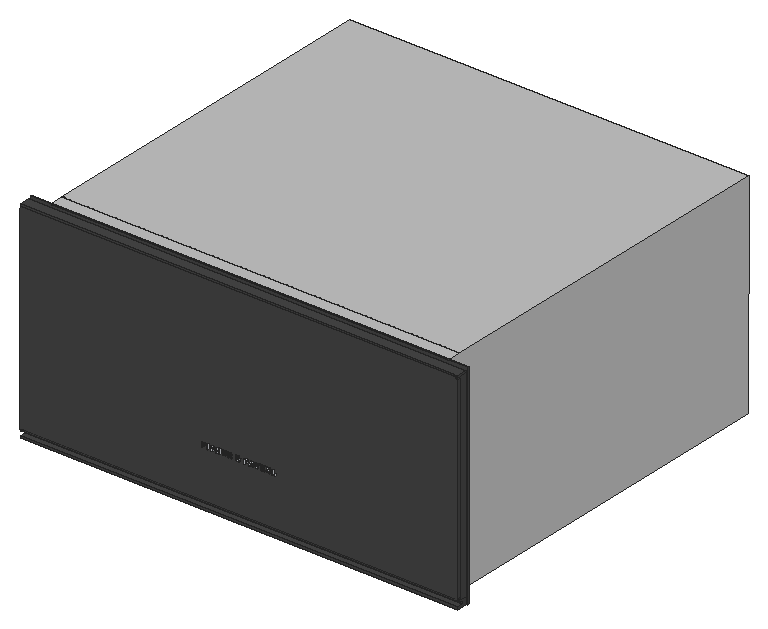
Revit family "FP_Revit_18_WB60SDTEB1_Warming_Drawer_9000xxxxA", category Specialty Equipment, Revit 2018
Family settings
  Round Connector Dimension = Use Diameter
  Part Type = Normal
  OmniClass Number = 23.40.40.14.17.31
  OmniClass Title = Small Specialized Cooking Equipment
  Work Plane-Based = No
  Always vertical = Yes
  Cut with Voids When Loaded = Yes
  Shared = No
  Room Calculation Point = No
Parameters (values of type "WB60SDTEB1")
  Visibility - Clearance Required = yes
  URL = "www.fisherpaykel.com"
  Product - Width = 596 mm  # constant formula
  Product - Height = 290 mm  # constant formula
  Product - Depth = 567 mm  # constant formula
  Model = "WB60SDTEB1"
  Material - Trim = Fisher & Paykel - Black
  Material - Structure = Fisher & Paykel - Black
  Material - Glass = Fisher & Paykel - Glass, Black
  Material - Body = Fisher & Paykel - Grey
  Manufacturer = "Fisher & Paykel Appliances"
  FFL Offset [instance] = 568 mm
  Description = "60cm Warming Drawer"
  Connector Description - Electrical = "220-240 V, 50/60 Hz, 10 A"
  Chassis - Width = 543 mm  # constant formula
  Chassis - Height = 290 mm  # constant formula
  Chassis - Depth = 547 mm  # constant formula
  Cavity - Width = 560 mm  # constant formula
  Cavity - Height = 292 mm  # constant formula
  Cavity - Depth = 550 mm  # constant formula
Reference planes
  plane 1 "Datum": y = 0
  plane 2: z = 0
  plane 3 "Center (Left/Right)": x = 0
  plane 4 "Product Height": z = 858
  plane 5 "Product LHS": x = -298
  plane 6 "Product RHS": x = 298
  plane 7 "Cavity - Depth": y = 550
  plane 8 "Product Depth": y = 547
  plane 9 "Cavity - Height": z = 860
  plane 10 "FFL Offset": z = 568
  plane 11 "Door Front": y = -20
  plane 12 "Cavity - LHS": x = -300
  plane 13 "Cavity - RHS": x = 300
Forms (mm)
  Extrusion 1, solid, material "Fisher & Paykel - Grey" <- "Material - Body"
    sketch origin (0, 0, 0) x (0, 1, 0) y (0, 0, 1)
      loop
        line (0, 568) -> (509, 568) -> (509, 858) -> (18, 858) -> (18, 857.2) -> (0, 857.2) -> (0, 568)
    from -271.5 to 271.5
  Extrusion 2, solid, material "Fisher & Paykel - Black" <- "Material - Structure"
    sketch origin (0, 0, 0) x (1, 0, 0) y (0, 0, 1)
      loop
        line (-270, 858) -> (-297.5, 858) -> (-297.5, 568) -> (297.5, 568) -> (297.5, 858) -> (270, 858) -> (270, 857.2) -> (-270, 857.2) -> (-270, 858)
    from 0 to 2
  Extrusion 3, solid, material "Fisher & Paykel - Grey" <- "Material - Body", detail levels medium+fine
    sketch origin (0, 0, 0) x (0, 1, 0) y (0, 0, 1)
      loop
        line (509, 827) -> (509, 808) -> (547, 808) -> (547, 827) -> (509, 827)
    from 177 to 202
  Extrusion 4, solid, material "Fisher & Paykel - Grey" <- "Material - Body", detail levels medium+fine
    sketch origin (0, 0, 0) x (0, 1, 0) y (0, 0, 1)
      loop
        circle (534.996, 817.5) r 8.163
    from 137 to 177
  Extrusion 5, solid, material "Fisher & Paykel - Black" <- "Material - Structure"
    sketch origin (0, 0, 0) x (0, 1, 0) y (0, 0, 1)
      loop
        line (-2, 573) -> (-2, 829) -> (-6, 829) -> (-6, 573) -> (-2, 573)
    from -258.5 to 258.5
  Extrusion 6, solid, material "Fisher & Paykel - Black" <- "Material - Structure"
    sketch origin (0, 0, 0) x (1, 0, 0) y (0, 0, 1)
      loop
        line (295.5, 853) -> (-295.5, 853)
        arc (-295.5, 853) -> (-297.268, 852.268) -> (-298, 850.5) r 2.5
        line (-298, 850.5) -> (-298, 582.1)
        arc (-298, 582.1) -> (-297.268, 580.332) -> (-295.5, 579.6) r 2.5
        line (-295.5, 579.6) -> (295.5, 579.6)
        arc (295.5, 579.6) -> (297.268, 580.332) -> (298, 582.1) r 2.5
        line (298, 582.1) -> (298, 850.5)
        arc (298, 850.5) -> (297.268, 852.268) -> (295.5, 853) r 2.5
    from 15.9 to 20
  Extrusion 7, solid, material "Fisher & Paykel - Black" <- "Material - Structure"
    sketch origin (0, 0, 0) x (0, 1, 0) y (0, 0, 1)
      loop
        line (-6, 853) -> (-15.9, 853) -> (-15.9, 579.6) -> (-6, 579.6) -> (-6, 853)
    from -298 to 298
  Extrusion 8, solid, material "Fisher & Paykel - Black" <- "Material - Structure", detail levels medium+fine
    sketch origin (0, 0, 0) x (0, 1, 0) y (0, 0, 1)
      loop
        line (-11, 576.6) -> (-11, 573) -> (-20, 573) -> (-20, 570) -> (-6, 570) -> (-6, 579.6) -> (-18.226, 579.6) -> (-14.6, 576.6) -> (-11, 576.6)
    from -298 to 298
  Extrusion 9, solid, material "Fisher & Paykel - Black" <- "Material - Trim", detail levels fine
    sketch origin (0, 0, 0) x (0, 1, 0) y (0, 0, 1)
      loop
        line (-6, 856) -> (-20, 856) -> (-20, 853) -> (-6, 853) -> (-6, 856)
    from -298 to 298
  Extrusion 10, solid, material "Fisher & Paykel - Clearance Required", visible <- "Visibility - Clearance Required", detail levels coarse
    sketch origin (0, 0.9, 0) x (0, 1, 0) y (0, 0, 1)
      loop
        line (-439.9, 860) -> (-439.9, 568) -> (-0.9, 568) -> (-0.9, 860) -> (-439.9, 860)
    from -300 to 300
  Extrusion 11, solid, material "Fisher & Paykel - Clearance Required", detail levels coarse
    sketch origin (0, 0, 0) x (0, 1, 0) y (0, 0, 1)
      loop
        line (0, 860) -> (0, 568) -> (550, 568) -> (550, 860) -> (0, 860)
    from -280 to 280
  Extrusion 12, void
    sketch origin (0, 0, 0) x (0, 1, 0) y (0, 0, 1)
      loop
        line (0, 860) -> (0, 568) -> (550, 568) -> (550, 860) -> (0, 860)
    from -280 to 280
  Extrusion 13, void
    sketch origin (0, 0, 0) x (0, 1, 0) y (0, 0, 1)
      loop
        line (-20, 568) -> (0, 568) -> (0, 860) -> (-20, 860) -> (-20, 568)
    from -300 to 300
Text (mm)
  text "Due to ongoing product development, product details are subject to change without notice. \nPlease always refer to www.fisherpaykel.com for the most current product information. \n© Fisher & Paykel 2020" at (41.04, -568.295, 0), in view "Ref. Level (Plan)"
Dimensions and locks
  equal spacing: plane 5 "Product LHS", plane 3 "Center (Left/Right)", plane 6 "Product RHS"
  equal spacing: Extrusion 1, plane 3 "Center (Left/Right)", Extrusion 1
  "Chassis - Depth": plane 8 "Product Depth" to plane 1 "Datum"
  "Chassis - Width": Extrusion 1 to Extrusion 1
  "Product - Width": plane 5 "Product LHS" to plane 6 "Product RHS"
  "FFL Offset": plane 10 "FFL Offset" to level
  "Product - Height": plane 4 "Product Height" to plane 10 "FFL Offset"
  "Cavity - Height": plane 10 "FFL Offset" to plane 9 "Cavity - Height"
  locked: Extrusion 8 to plane 10 "FFL Offset" at 2
  locked: Extrusion 5 to plane 10 "FFL Offset" at 5
  locked: Extrusion 8 to plane 10 "FFL Offset" at 11.6
  locked: nested 1 to plane 10 "FFL Offset" at 78.956
  Extrusion 10 to plane 11 "Door Front" = 419 mm
  locked: plane 11 "Door Front" to plane 1 "Datum" at 20
  "Cavity - Depth": plane 7 "Cavity - Depth" to plane 1 "Datum"
  plane 8 "Product Depth" to plane 11 "Door Front" = 567 mm
  equal spacing: plane 12 "Cavity - LHS", plane 3 "Center (Left/Right)", plane 13 "Cavity - RHS"
  locked: plane 12 "Cavity - LHS" to plane 13 "Cavity - RHS" at 600
  "Cavity - Width": Extrusion 12 to Extrusion 12
  aligned and locked: level to plane 2
  aligned and locked: Extrusion 2 to plane 1 "Datum"
  aligned and locked: Extrusion 11 sketch curve to Extrusion 10  (x2)
  aligned and locked: Extrusion 11 sketch curve to plane 7 "Cavity - Depth"
  aligned and locked: Extrusion 6 to Extrusion 7
  aligned and locked: Extrusion 10 to Extrusion 1
  aligned and locked: Extrusion 2 to Extrusion 1
  aligned and locked: Extrusion 1 to Extrusion 11
  aligned and locked: Extrusion 7 to Extrusion 8
  aligned and locked: Extrusion 2 to plane 10 "FFL Offset"
  aligned and locked: plane 11 "Door Front" to Extrusion 9
  aligned and locked: plane 11 "Door Front" to Extrusion 6
  aligned and locked: Extrusion 6 to Extrusion 8
  aligned and locked: Extrusion 10 to plane 1 "Datum"
  aligned and locked: Extrusion 12 to plane 9 "Cavity - Height"
  aligned and locked: Extrusion 12 to Extrusion 1
  aligned and locked: Extrusion 13 sketch curve to plane 10 "FFL Offset"
  aligned and locked: plane 11 "Door Front" to Extrusion 13 sketch curve
  aligned and locked: Extrusion 11 to Extrusion 13 sketch curve
  aligned and locked: Extrusion 13 sketch curve to Extrusion 10
  aligned and locked: plane 12 "Cavity - LHS" to Extrusion 13
  aligned and locked: plane 12 "Cavity - LHS" to Extrusion 10
  aligned and locked: Extrusion 13 to plane 13 "Cavity - RHS"
  aligned and locked: Extrusion 10 to plane 13 "Cavity - RHS"
  aligned and locked: Extrusion 12 to Extrusion 11
  aligned and locked: plane 8 "Product Depth" to Extrusion 3
Automatic sketch dimensions
  Extrusion 1 sketch curve to plane 1 "Datum" = 0 mm
  Extrusion 1 sketch curve to plane 4 "Product Height" = 0 mm
  Extrusion 1 sketch curve to plane 10 "FFL Offset" = 0 mm
  Extrusion 1 sketch curve to plane 4 "Product Height" = 0.8 mm
  Extrusion 1 sketch curve to plane 1 "Datum" = 18 mm
  Extrusion 1 sketch curve to plane 8 "Product Depth" = 38 mm
  Extrusion 2 sketch curve to plane 10 "FFL Offset" = 0 mm
  Extrusion 2 sketch curve to plane 4 "Product Height" = 0 mm  (x2)
  Extrusion 2 sketch curve to plane 5 "Product LHS" = 0.5 mm
  plane 6 "Product RHS" to Extrusion 2 sketch curve = 0.5 mm
  Extrusion 2 sketch curve to Extrusion 2 sketch curve = 0.8 mm
  Extrusion 3 sketch curve to plane 8 "Product Depth" = 0 mm
  Extrusion 3 sketch curve to Extrusion 3 sketch curve = 38 mm
  Extrusion 3 sketch curve to plane 4 "Product Height" = 50 mm
  Extrusion 3 sketch curve to Extrusion 3 sketch curve = 19 mm
  Extrusion 4 sketch curve to plane 8 "Product Depth" = 12.004 mm
  Extrusion 4 sketch curve to plane 4 "Product Height" = 40.5 mm
  plane 1 "Datum" to Extrusion 5 sketch curve = 6 mm
  plane 1 "Datum" to Extrusion 5 sketch curve = 2 mm
  plane 10 "FFL Offset" to Extrusion 5 sketch curve = 5 mm
  Extrusion 5 sketch curve to plane 4 "Product Height" = 29 mm
  plane 5 "Product LHS" to Extrusion 6 sketch curve = 0 mm
  plane 6 "Product RHS" to Extrusion 6 sketch curve = 0 mm
  Extrusion 6 sketch curve to plane 5 "Product LHS" = 2.5 mm  (x2)
  plane 6 "Product RHS" to Extrusion 6 sketch curve = 2.5 mm  (x2)
  plane 10 "FFL Offset" to Extrusion 6 sketch curve = 11.6 mm
  Extrusion 6 sketch curve to plane 4 "Product Height" = 7.5 mm
  Extrusion 7 sketch curve to plane 11 "Door Front" = 4.1 mm
  plane 1 "Datum" to Extrusion 7 sketch curve = 6 mm
  plane 10 "FFL Offset" to Extrusion 7 sketch curve = 11.6 mm
  Extrusion 7 sketch curve to plane 4 "Product Height" = 5 mm
  Extrusion 8 sketch curve to plane 11 "Door Front" = 0 mm
  Extrusion 8 sketch curve to plane 11 "Door Front" = 1.774 mm
  Extrusion 8 sketch curve to Extrusion 8 sketch curve = 3.626 mm
  Extrusion 8 sketch curve to Extrusion 8 sketch curve = 3.6 mm  (x2)
  plane 10 "FFL Offset" to Extrusion 8 sketch curve = 2 mm
  Extrusion 8 sketch curve to Extrusion 8 sketch curve = 5 mm
  Extrusion 8 sketch curve to Extrusion 8 sketch curve = 3 mm  (x2)
  Extrusion 9 sketch curve to plane 11 "Door Front" = 0 mm
  plane 1 "Datum" to Extrusion 9 sketch curve = 6 mm
  Extrusion 9 sketch curve to plane 4 "Product Height" = 5 mm
  Extrusion 9 sketch curve to plane 4 "Product Height" = 2 mm
  Extrusion 10 sketch curve to plane 10 "FFL Offset" = 0 mm
  Extrusion 10 sketch curve to plane 9 "Cavity - Height" = 0 mm
  Extrusion 10 sketch curve to plane 1 "Datum" = 0 mm
  plane 11 "Door Front" to Extrusion 10 sketch curve = 419 mm
  Extrusion 11 sketch curve to plane 10 "FFL Offset" = 0 mm
  Extrusion 12 sketch curve to plane 1 "Datum" = 0 mm
  Extrusion 12 sketch curve to plane 7 "Cavity - Depth" = 0 mm
  Extrusion 12 sketch curve to plane 10 "FFL Offset" = 0 mm
  plane 9 "Cavity - Height" to Extrusion 12 sketch curve = 0 mm
  Extrusion 2 sketch curve to Extrusion 2 sketch curve = 27.5 mm  (x2)
  radius of Extrusion 4 sketch curve = 8.163 mm
Nested families
  nested 1: "F&P Logo 100mm" at (0, -20, 646.956), type "Grey"
Connectors
  electrical at (137, 534.996, 817.5), driven by "Connector Description - Electrical"
    settings: on Extrusion 4, index 1, voltage 230 V, apparent load 0 VA, apparent load phase1 0 VA, apparent load phase2 0 VA, apparent load phase3 0 VA, power factor 1, load classification "Other", number of poles 1, system type 30, power factor state 1, is connector primary yes, connector utility no, sub classification motor no, connector description "220-240 V, 50/60 Hz, 10 A"
Definition of nested family "F&P Logo 100mm"
  Parameters (values of type "Grey")
    URL = "www.fisherpaykel.com"
    Material - Logo = none
    Manufacturer = "Fisher & Paykel Appliances"
  Types (2): name
    Chrome
    Grey
  Reference planes
    plane 1 "Center (Front/Back)": y = 0
    plane 2: z = 0
    plane 3 "Center (Left/Right)": x = 0
  Forms (mm)
    Extrusion 1, solid, material <- "Material - Logo", detail levels fine
      sketch origin (0, 0, 0) x (1, 0, 0) y (0, 0, 1)
        loop
          line (-50.044, 0) -> (-48.47, 0) -> (-48.47, 2.138) -> (-46.011, 2.138) -> (-46.011, 3.472) -> (-48.47, 3.472) -> (-48.47, 4.712) -> (-45.795, 4.712) -> (-45.795, 6.04) -> (-50.044, 6.04) -> (-50.044, 0)
        loop
          line (-42.804, 6.04) -> (-42.804, 0) -> (-41.23, 0) -> (-41.23, 6.04) -> (-42.804, 6.04)
        loop
          line (-30.724, 6.04) -> (-30.724, 0) -> (-29.151, 0) -> (-29.151, 2.42) -> (-26.839, 2.42) -> (-26.839, 0) -> (-25.265, 0) -> (-25.265, 6.04) -> (-26.839, 6.04) -> (-26.839, 3.748) -> (-29.151, 3.748) -> (-29.151, 6.04) -> (-30.724, 6.04)
        loop
          line (-21.906, 6.04) -> (-21.906, 0) -> (-17.602, 0) -> (-17.602, 1.328) -> (-20.347, 1.328) -> (-20.347, 2.42) -> (-17.838, 2.42) -> (-17.838, 3.748) -> (-20.347, 3.748) -> (-20.347, 4.712) -> (-17.602, 4.712) -> (-17.602, 6.04) -> (-21.906, 6.04)
        loop
          line (45.667, 6.04) -> (45.667, 0) -> (49.956, 0) -> (49.956, 1.328) -> (47.241, 1.328) -> (47.241, 6.04) -> (45.667, 6.04)
        loop
          line (42.431, 6.04) -> (38.112, 6.04) -> (38.112, 0) -> (42.431, 0) -> (42.431, 1.328) -> (39.687, 1.328) -> (39.687, 2.42) -> (42.195, 2.42) -> (42.195, 3.748) -> (39.687, 3.748) -> (39.687, 4.712) -> (42.431, 4.712) -> (42.431, 6.04)
        loop
          line (33.451, 3.148) -> (35.683, 6.04) -> (33.844, 6.04) -> (31.915, 3.542) -> (31.915, 6.04) -> (30.342, 6.04) -> (30.342, 0) -> (31.915, 0) -> (31.915, 2.705) -> (33.903, 0) -> (35.763, 0) -> (33.451, 3.148)
        loop
          line (21.98, 6.04) -> (24.262, 2.42) -> (24.262, 0) -> (25.837, 0) -> (25.837, 2.341) -> (28.119, 6.04) -> (26.446, 6.04) -> (25.099, 3.707) -> (23.753, 6.04) -> (21.98, 6.04)
        loop
          line (18.479, 6.04) -> (16.983, 6.04) -> (14.524, 0) -> (16.069, 0) -> (16.501, 1.112) -> (18.921, 1.112) -> (19.354, 0) -> (20.938, 0) -> (18.479, 6.04)
        loop
          line (18.4, 2.439) -> (17.693, 4.174) -> (17.018, 2.439) -> (18.4, 2.439)
        loop
          line (8.031, 6.04) -> (8.031, 0) -> (9.605, 0) -> (9.605, 1.938) -> (10.599, 1.938)
          arc (10.599, 1.938) -> (12.65, 3.989) -> (10.599, 6.04) r 2.051
          line (10.599, 6.04) -> (8.031, 6.04)
        loop
          line (9.605, 4.712) -> (9.605, 3.197) -> (10.501, 3.197)
          arc (10.501, 3.197) -> (11.259, 3.954) -> (10.501, 4.712) r 0.757
          line (10.501, 4.712) -> (9.605, 4.712)
        loop
          line (-11.783, 6.04) -> (-14.366, 6.04) -> (-14.366, 0) -> (-12.792, 0) -> (-12.792, 1.336) -> (-11.992, 1.336) -> (-10.972, 0) -> (-9.153, 0) -> (-10.694, 1.973)
          arc (-10.694, 1.973) -> (-9.678, 4.424) -> (-11.783, 6.04) r 2.179
        loop
          line (-11.897, 4.712) -> (-12.792, 4.712) -> (-12.792, 3.053) -> (-11.897, 3.053)
          arc (-11.897, 3.053) -> (-11.068, 3.882) -> (-11.897, 4.712) r 0.83
        loop
          line (0.477, 4.712) -> (0.477, 6.153) -> (-3.575, 6.153) -> (-3.575, 4.851) -> (-2.974, 4.112)
          arc (-2.974, 4.112) -> (-3.51, 0.684) -> (-0.045, 0.512) r 2.334
          line (-0.045, 0.512) -> (0.46, -0.109) -> (2.246, -0.109) -> (0.86, 1.594) -> (2.061, 3.324) -> (0.443, 3.324) -> (-0.013, 2.667) -> (-1.677, 4.712) -> (0.477, 4.712)
        loop
          arc (-2.125, 3.068) -> (-2.269, 1.668) -> (-0.868, 1.524) r 0.996
          line (-0.868, 1.524) -> (-2.125, 3.068)
        loop
          line (-35.18, 3.634) -> (-36.516, 3.91)
          arc (-36.516, 3.91) -> (-37.049, 4.443) -> (-36.516, 4.976) r 0.533
          arc (-36.516, 4.976) -> (-35.235, 4.79) -> (-34.059, 4.248) r 4.505
          line (-34.059, 4.248) -> (-34.059, 5.743)
          arc (-34.059, 5.743) -> (-35.549, 6.179) -> (-37.1, 6.109) r 4.726
          arc (-37.1, 6.109) -> (-38.536, 4.335) -> (-37.1, 2.561) r 1.814
          line (-37.1, 2.561) -> (-35.754, 2.282)
          arc (-35.754, 2.282) -> (-35.221, 1.749) -> (-35.754, 1.216) r 0.533
          arc (-35.754, 1.216) -> (-37.035, 1.402) -> (-38.211, 1.945) r 4.505
          line (-38.211, 1.945) -> (-38.211, 0.449)
          arc (-38.211, 0.449) -> (-36.72, 0.013) -> (-35.169, 0.083) r 4.726
          arc (-35.169, 0.083) -> (-33.734, 1.863) -> (-35.18, 3.634) r 1.814
      from 0 to 0.8
  Dimensions and locks
    aligned and locked: level to plane 2
